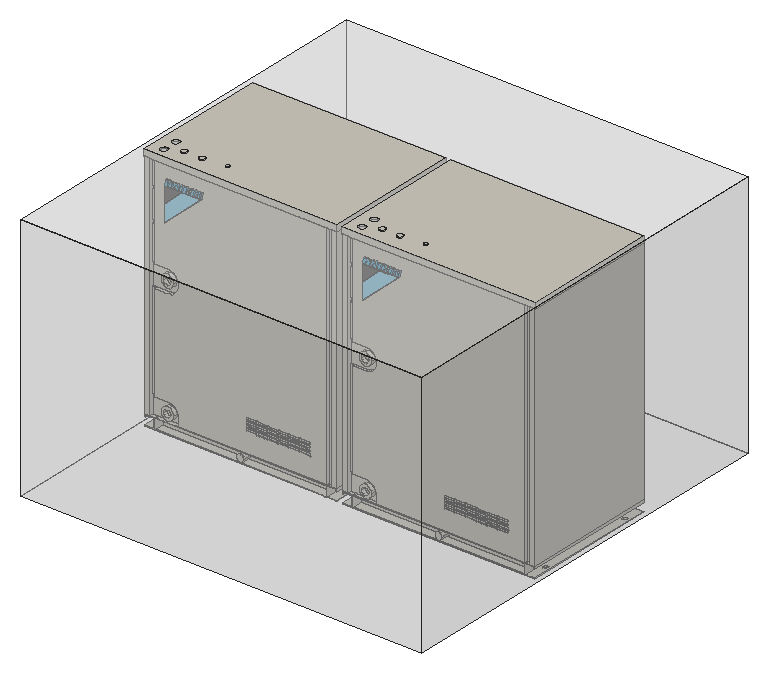
Revit family "outputfile", category 機械設備, Revit 2024
Family settings
  丸型コネクタ寸法 = 半径を使用
  種別 = なし
  パーツ タイプ = 標準
  OmniClass 番号 = 23.75.10.24.21.27.27
  OmniClass タイトル = Split System Air Conditioning Units
  作業面ベース = いいえ
  常に垂直 = はい
  ロード時にボイドで切り取り = いいえ
  注釈の向きを維持 = いいえ
  共有 = いいえ
  部屋計算ポイント = いいえ
Parameters (values of type "RWEYQ24TY14")
  製造元 = "Daikin"
  書き出し IFC クラス(タイプ) = "IfcUnitaryEquipmentType"
  定義済み IFC タイプ(タイプ) = "AIRCONDITIONINGUNIT"
  モデル = "RWEYQ24TY14"
  w_unit2 = 780.0 mm
  w_unit1 = 780.0 mm
  switch_unit2_6-8 [instance] = if(Reverse_ModuleSequence, if(default_unit1 = 1, 1 = 1, 1 = 0), if(default_unit2 = 1, 1 = 1, 1 = 0))  # no
  switch_unit2_12 [instance] = if(Reverse_ModuleSequence, if(default_unit1 = 3, 1 = 1, 1 = 0), if(default_unit2 = 3, 1 = 1, 1 = 0))  # yes
  switch_unit2_10 [instance] = if(Reverse_ModuleSequence, if(default_unit1 = 2, 1 = 1, 1 = 0), if(default_unit2 = 2, 1 = 1, 1 = 0))  # no
  switch_unit1_6-8 [instance] = if(Reverse_ModuleSequence, if(default_unit2 = 1, 1 = 1, 1 = 0), if(default_unit1 = 1, 1 = 1, 1 = 0))  # no
  switch_unit1_12 [instance] = if(Reverse_ModuleSequence, if(default_unit2 = 3, 1 = 1, 1 = 0), if(default_unit1 = 3, 1 = 1, 1 = 0))  # yes
  switch_unit1_10 [instance] = if(Reverse_ModuleSequence, if(default_unit2 = 2, 1 = 1, 1 = 0), if(default_unit1 = 2, 1 = 1, 1 = 0))  # no
  rangle_Drain [instance] = if(Rear Connection_Drain, 180.00°, 0.00°)  # 0.00°
  r_Water Outlet Pipe Connection_unit2 [instance] = Water Outlet Pipe Connection_Unit2 / 2  # 15.9 mm
  r_Water Outlet Pipe Connection_unit1 [instance] = Water Outlet Pipe Connection_Unit1 / 2  # 15.9 mm
  r_Water Inlet Pipe Connection_unit2 [instance] = Water Inlet Pipe Connection_Unit2 / 2  # 15.9 mm
  r_Water Inlet Pipe Connection_unit1 [instance] = Water Inlet Pipe Connection_Unit1 / 2  # 15.9 mm
  r_Liquid Pipe Size_unit2 [instance] = Liquid Pipe Size_Unit 2 / 2  # 6.35 mm
  r_HP/LP Gas Pipe Size_unit2 [instance] = [HP/LP Gas Pipe Size_Unit 2] / 2  # 11.1 mm
  r_HP/LP Gas Pipe Size_unit1 [instance] = [HP/LP Gas Pipe Size_Unit 1] / 2  # 11.1 mm
  r_Gas Pipe Size_unit2 [instance] = Gas Pipe Size_Unit 2 / 2  # 11.1 mm
  r_Drain Pipe Size = Drain Pipe Size / 2  # 6.35 mm
  lw_powersupply2 = 51.0 mm
  lw_liquidpipe2 = 274.0 mm
  lw_gaspipe2 [instance] = if(Heat Pump, 107.0 mm, 178.0 mm)  # 107.0 mm
  lw_Water Outlet2 = 95.0 mm
  lw_Water Outlet1 = 95.0 mm
  lw_Water Inlet2 = 95.0 mm
  lw_Water Inlet1 = 95.0 mm
  lw_HP/LP Gas Pipe2 [instance] = if(Heat Pump, 178.0 mm, 107.0 mm)  # 178.0 mm
  lw_HP/LP Gas Pipe1 [instance] = if(Heat Pump, 178.0 mm, 107.0 mm)  # 178.0 mm
  lw_Drain2 = 390.0 mm
  lw_Drain1 = 390.0 mm
  ld_HP/LP Gas Pipe = 69.0 mm
  h_mountinghole = [h_***] + 2.3 mm  # 2.3 mm
  r_Liquid Pipe Size_unit1 [instance] = Liquid Pipe Size_Unit 1 / 2  # 6.35 mm
  r_Gas Pipe Size_unit1 [instance] = Gas Pipe Size_Unit 1 / 2  # 11.1 mm
  distance_unit1-2 [instance] = 20.0 mm
  default_unit2 = 3
  default_unit1 = 3
  default_Water Outlet Pipe Connection_Unit 2 = 31.8 mm
  default_Water Outlet Pipe Connection_Unit 1 = 31.8 mm
  default_Water Inlet Pipe Connection_Unit 2 = 31.8 mm
  default_Water Inlet Pipe Connection_Unit 1 = 31.8 mm
  default_Model_Unit 2 = "RWEYQ12TY14"
  default_Model_Unit 1 = "RWEYQ12TY14"
  default_Liquid Pipe Size_Unit 2 = 12.7 mm
  default_Liquid Pipe Size_Unit 1 = 12.7 mm
  default_HP/LP Gas Pipe Size_Unit 2 [instance] = if(and(Heat Pump, [switch_unit2_6-8]), 19.1 mm, if(and(Heat Pump, switch_unit2_10), 22.2 mm, if(and(Heat Pump, switch_unit2_12), 22.2 mm, if(and(Heat Recovery, [switch_unit2_6-8]), 15.9 mm, if(and(Heat Recovery, switch_unit2_10), 19.1 mm, if(and(Heat Recovery, switch_unit2_12), 19.1 mm, 19.1 mm))))))  # 22.2 mm
  default_HP/LP Gas Pipe Size_Unit 1 [instance] = if(and(Heat Pump, [switch_unit1_6-8]), 19.1 mm, if(and(Heat Pump, switch_unit1_10), 22.2 mm, if(and(Heat Pump, switch_unit1_12), 22.2 mm, if(and(Heat Recovery, [switch_unit1_6-8]), 15.9 mm, if(and(Heat Recovery, switch_unit1_10), 19.1 mm, if(and(Heat Recovery, switch_unit1_12), 19.1 mm, 19.1 mm))))))  # 22.2 mm
  default_Gas Pipe Size_Unit 2 = 22.2 mm
  default_Gas Pipe Size_Unit 1 = 22.2 mm
  Water Outlet Pipe Connection_Unit2 [instance] = if(Reverse_ModuleSequence, default_Water Inlet Pipe Connection_Unit 1, default_Water Inlet Pipe Connection_Unit 2)  # 31.8 mm
  Water Outlet Pipe Connection_Unit1 [instance] = if(Reverse_ModuleSequence, default_Water Outlet Pipe Connection_Unit 2, default_Water Outlet Pipe Connection_Unit 1)  # 31.8 mm
  Water Inlet Pipe Connection_Unit2 [instance] = if(Reverse_ModuleSequence, default_Water Outlet Pipe Connection_Unit 1, default_Water Outlet Pipe Connection_Unit 2)  # 31.8 mm
  Water Inlet Pipe Connection_Unit1 [instance] = if(Reverse_ModuleSequence, default_Water Inlet Pipe Connection_Unit 2, default_Water Inlet Pipe Connection_Unit 1)  # 31.8 mm
  Voltage_comment_50Hz = "380-415"
  Voltage_50Hz = 400 V
  Top Connection_powersupply2 [instance] = not(Top Connection_powersupply1)  # no
  Sound Power Level (dB) = 75
  Reverse_ModuleSequence [instance] = no
  Rear Connection_Drain [instance] = not(Front Connection_Drain)  # no
  Power Input (Heating) = 15.700 kW
  Phase_50Hz = 3
  Nominal Heating Capacity = 75.000 kW
  Model_Unit 2 [instance] = if(Reverse_ModuleSequence, default_Model_Unit 1, default_Model_Unit 2)  # "RWEYQ12TY14"
  Model_Unit 1 [instance] = if(Reverse_ModuleSequence, default_Model_Unit 2, default_Model_Unit 1)  # "RWEYQ12TY14"
  Minimum Circuit Amps_50Hz = 27.3 A
  Maximum Fuse Amps_50Hz = 35.0 A
  Material_Heat Exchanger = DAIKIN_Blue_HE_outdoorunit
  Material_Casing = DAIKIN_IvoryWhite_Casing_outdoorunit
  lw_powersupply1 = 51.0 mm
  lw_liquidpipe1 = 274.0 mm
  lw_gaspipe1 [instance] = if(Heat Pump, 107.0 mm, 178.0 mm)  # 107.0 mm
  lh_powersupply = 940.0 mm
  ld_powersupply [instance] = if(Top Connection_powersupply1, 38.0 mm, 98.0 mm)  # 38.0 mm
  ld_liquidpipe = 79.0 mm
  ld_gaspipe = 69.0 mm
  h_*** = 0.0 mm
  Width [instance] = [distance_unit1-2] + w_unit1 + w_unit2  # 1580.0 mm
  Version = "ver.1.0"
  Unit Type = ""
  Unit Mass Weight = 294.00 kg
  Unit Designation [instance] = ""
  Uniclass2015Version = "Products v1.30"
  Uniclass2015Title = "Variable refrigerant flow units"
  Uniclass2015Code = "Pr_70_65_03_94"
  Total Cooling Capacity [instance] = 0.000 kW
  Sound Pressure Level (dBA) = 56
  Series = "VRV Heat Recovery"
  Refrigerant_Base Charge = 8.400 kg
  Refrigerant_Additional Charge [instance] = 0.000 kg
  Refrigerant Type = "R410A"
  Power Input (Cooling) = 14.700 kW
  Option Accessory 3 [instance] = ""
  Option Accessory 2 [instance] = ""
  Option Accessory 1 [instance] = ""
  Nominal Cooling Capacity = 67.000 kW
  Load Classification = HVAC
  Liquid Pipe Size_Unit 2 [instance] = if(Reverse_ModuleSequence, default_Liquid Pipe Size_Unit 1, default_Liquid Pipe Size_Unit 2)  # 12.7 mm
  Liquid Pipe Size_Unit 1 [instance] = if(Reverse_ModuleSequence, default_Liquid Pipe Size_Unit 2, default_Liquid Pipe Size_Unit 1)  # 12.7 mm
  Link_Nested Family [instance] = ""
  IfcVersion = ""
  IfcExportType = "AIRCONDITIONINGUNIT"
  IfcExportAs = "IfcUnitaryEquipmentType"
  Height = 1000.0 mm
  Heat Recovery [instance] = not(Heat Pump)  # no
  Heat Pump [instance] = yes
  Heat Exchanger Type = "Stainless Steel Plate"
  HP/LP Gas Pipe Size_Unit 2 [instance] = [default_HP/LP Gas Pipe Size_Unit 2]  # 22.2 mm
  HP/LP Gas Pipe Size_Unit 1 [instance] = [default_HP/LP Gas Pipe Size_Unit 1]  # 22.2 mm
  Gas Pipe Size_Unit 2 [instance] = if(Reverse_ModuleSequence, default_Gas Pipe Size_Unit 1, default_Gas Pipe Size_Unit 2)  # 22.2 mm
  Gas Pipe Size_Unit 1 [instance] = if(Reverse_ModuleSequence, default_Gas Pipe Size_Unit 2, default_Gas Pipe Size_Unit 1)  # 22.2 mm
  Top Connection_powersupply1 [instance] = yes
  Front Connection_Drain [instance] = yes
  Frequency_50Hz = 50 Hz
  Drain Pipe Size = 12.7 mm
  Depth = 550.0 mm
  既定の高さ = 0.0 mm
  Cooling Ambient Wet Bulb Temperature [instance] = 0.00 °C
  Cooling Ambient Dry Bulb Temperature [instance] = 0.00 °C
  Compressor Type = "Hermetically Sealed Scroll Type"
  Clearance visibility [instance] = yes
  Clearance Top = 0.0 mm
  Clearance Right = 20.0 mm
  Clearance Rear = 500.0 mm
  Clearance Left = 20.0 mm
  Clearance Front = 600.0 mm
  Clearance Bottom = 0.0 mm
  CU Tag No. [instance] = ""
Reference planes
  plane 1 "Center (Front/Back)": y = 0
  plane 2 "h_***": z = 0
  plane 3 "Center (Left/Right)": x = 0
  plane 4 "Back": y = 275
  plane 5 "Front": y = -275
  plane 6 "Left": x = -390
  plane 7 "w_unit1": x = 390
  plane 8 "Top": z = 1000
  plane 9 "Clearance Rear": y = 775
  plane 10 "Clearance Front": y = -875
  plane 11 "Clearance Left": x = -410
  plane 12 "Clearance Right": x = 1210
  plane 13 "Clearance Top": z = 1000
  plane 14 "Clearance Bottom": z = 0
  plane 15 "Bottom": z = 0
  plane 16 "lw_powersupply1": x = -339
  plane 17 "ld_powersupply": y = -237
  plane 18 "lw_liquidpipe1": x = -116
  plane 19 "Rear Connection_refrigetant": y = -196
  plane 20 "lw_gaspipe1": x = -283
  plane 21 "ld_gaspipe": y = -206
  plane 22 "lh_logo": z = 900
  plane 23 "lw_logo": x = 100
  plane 24 "lh_powersupply": z = 940
  plane 25 "lw_HP/LP Gas Pipe1": x = -212
  plane 26 "ld_HP/LP Gas Pipe": y = -206
  plane 27 "l_unit2": x = 410
  plane 28 "Right": x = 1190
  plane 29 "lw_powersupply2": x = 461
  plane 30 "lw_liquidpipe2": x = 684
  plane 31 "lw_gaspipe2": x = 517
  plane 32 "lw_HP/LP Gas Pipe2": x = 588
  plane 33 "lw_Water Inlet1": x = -295
  plane 34 "lw_Water Inlet2": x = 505
  plane 35 "lw_Water Outlet1": x = -295
  plane 36 "lw_Water Outlet2": x = 505
  plane 37 "lw_Drain1": x = 0
  plane 38 "lw_Drain2": x = 800
Dimensions and locks
  equal spacing: plane 4 "Back", plane 1 "Center (Front/Back)", plane 5 "Front"
  "Depth": plane 4 "Back" to plane 5 "Front"
  equal spacing: plane 6 "Left", plane 3 "Center (Left/Right)", plane 7 "w_unit1"
  "w_unit1": plane 6 "Left" to plane 7 "w_unit1"
  "Clearance Rear": plane 9 "Clearance Rear" to plane 4 "Back"
  "Clearance Front": plane 10 "Clearance Front" to plane 5 "Front"
  "Clearance Left": plane 11 "Clearance Left" to plane 6 "Left"
  "Clearance Top": plane 13 "Clearance Top" to plane 8 "Top"
  "h_***": plane 15 "Bottom" to plane 2 "h_***"
  "Height": plane 8 "Top" to plane 15 "Bottom"
  "Clearance Bottom": plane 15 "Bottom" to plane 14 "Clearance Bottom"
  "ld_powersupply": plane 17 "ld_powersupply" to plane 5 "Front"
  "ld_liquidpipe": plane 19 "Rear Connection_refrigetant" to plane 5 "Front"
  "ld_gaspipe": plane 21 "ld_gaspipe" to plane 5 "Front"
  locked: plane 23 "lw_logo" to plane 7 "w_unit1" at 290
  locked: plane 22 "lh_logo" to plane 15 "Bottom" at 900
  "lw_gaspipe1": plane 6 "Left" to plane 20 "lw_gaspipe1"
  "lw_liquidpipe1": plane 6 "Left" to plane 18 "lw_liquidpipe1"
  "lw_powersupply1": plane 6 "Left" to plane 16 "lw_powersupply1"
  "lh_powersupply": plane 24 "lh_powersupply" to plane 15 "Bottom"
  "lw_HP/LP Gas Pipe1": plane 6 "Left" to plane 25 "lw_HP/LP Gas Pipe1"
  "ld_HP/LP Gas Pipe": plane 26 "ld_HP/LP Gas Pipe" to plane 5 "Front"
  "distance_unit1-2": plane 7 "w_unit1" to plane 27 "l_unit2"
  "Clearance Right": plane 28 "Right" to plane 12 "Clearance Right"
  "Width": plane 6 "Left" to plane 28 "Right"
  "lw_powersupply2": plane 27 "l_unit2" to plane 29 "lw_powersupply2"
  "lw_HP/LP Gas Pipe2": plane 27 "l_unit2" to plane 32 "lw_HP/LP Gas Pipe2"
  "lw_gaspipe2": plane 27 "l_unit2" to plane 31 "lw_gaspipe2"
  "lw_liquidpipe2": plane 27 "l_unit2" to plane 30 "lw_liquidpipe2"
  "lw_Water Inlet1": plane 6 "Left" to plane 33 "lw_Water Inlet1"
  "lw_Water Inlet2": plane 27 "l_unit2" to plane 34 "lw_Water Inlet2"
  "lw_Water Outlet1": plane 6 "Left" to plane 35 "lw_Water Outlet1"
  "lw_Water Outlet2": plane 27 "l_unit2" to plane 36 "lw_Water Outlet2"
  "lw_Drain1": plane 6 "Left" to plane 37 "lw_Drain1"
  "lw_Drain2": plane 27 "l_unit2" to plane 38 "lw_Drain2"
  aligned and locked: level to plane 2 "h_***"
  aligned and locked: plane 9 "Clearance Rear" to nested 2
  aligned and locked: nested 2 to plane 10 "Clearance Front"
  aligned and locked: plane 11 "Clearance Left" to nested 2
  aligned and locked: plane 12 "Clearance Right" to nested 2
  aligned and locked: plane 13 "Clearance Top" to nested 2
  aligned and locked: plane 14 "Clearance Bottom" to nested 2
  aligned and locked: plane 8 "Top" to nested 1
  aligned and locked: plane 22 "lh_logo" to nested 7
  aligned and locked: nested 8 to plane 16 "lw_powersupply1"
  aligned and locked: nested 9 to plane 20 "lw_gaspipe1"
  aligned and locked: nested 10 to plane 18 "lw_liquidpipe1"
  aligned and locked: nested 10 to plane 19 "Rear Connection_refrigetant"
  aligned and locked: nested 9 to plane 21 "ld_gaspipe"
  aligned and locked: nested 8 to plane 17 "ld_powersupply"
  aligned and locked: plane 5 "Front" to nested 7
  aligned and locked: plane 24 "lh_powersupply" to nested 8
  aligned and locked: plane 27 "l_unit2" to nested 11
  aligned and locked: nested 17 to plane 29 "lw_powersupply2"
  aligned and locked: nested 17 to plane 17 "ld_powersupply"
  aligned and locked: nested 18 to plane 31 "lw_gaspipe2"
  aligned and locked: nested 18 to plane 26 "ld_HP/LP Gas Pipe"
  aligned and locked: plane 1 "Center (Front/Back)" to nested 20
  aligned and locked: plane 33 "lw_Water Inlet1" to nested 20
  aligned and locked: plane 1 "Center (Front/Back)" to nested 21
  aligned and locked: plane 1 "Center (Front/Back)" to nested 22
  aligned and locked: plane 1 "Center (Front/Back)" to nested 23
  aligned and locked: plane 1 "Center (Front/Back)" to nested 24
  aligned and locked: plane 1 "Center (Front/Back)" to nested 25
  aligned and locked: plane 34 "lw_Water Inlet2" to nested 21
  aligned and locked: plane 35 "lw_Water Outlet1" to nested 22
  aligned and locked: plane 36 "lw_Water Outlet2" to nested 23
  aligned and locked: plane 37 "lw_Drain1" to nested 24
  aligned and locked: plane 38 "lw_Drain2" to nested 25
  aligned and locked: plane 25 "lw_HP/LP Gas Pipe1" to nested 26
  aligned and locked: plane 32 "lw_HP/LP Gas Pipe2" to nested 27
  aligned and locked: nested 26 to plane 26 "ld_HP/LP Gas Pipe"
  aligned and locked: nested 27 to plane 26 "ld_HP/LP Gas Pipe"
Nested families
  nested 1: "DAIKIN_outdoorunit_RWEYQ-TY14" at (-31, 0, 0), h_*** <- "h_***", Link_Nest <- "Link_Nested Family", h_mountinghole <- "h_mountinghole", Width <- "w_unit1", switch_unit1_6-8 <- "switch_unit1_6-8", switch_unit1_10 <- "switch_unit1_10", switch_unit1_12 <- "switch_unit1_12", type "RWEYQ-TY14"
    with switch_unit1_6-8 no, switch_unit1_12 yes, switch_unit1_10 no, show_fixedhole yes, h_mountinghole 2.3 mm, h_antenna_mountinghole 998.7 mm, h_*** 0.0 mm, array_bolt 5, Width 780.0 mm, Liquid Pipe Size_Unit 1 12.7 mm, Link_Nest "", HP/LP Pipe Size_Unit 1 22.2 mm, Gas Pipe Size_Unit 1_L 107.0 mm, Gas Pipe Size_Unit 1 22.2 mm
  nested 2: "daikin_clearancespace" at (400, -50, 500.119), visible <- "Clearance visibility", show <- "Clearance visibility", Link_Nested Family <- "Link_Nested Family", type "daikin_clearancespace"
    with width 1620.0 mm, show yes, height 1000.0 mm, depth 1650.0 mm, Link_Nested Family ""
  nested 3: "daikin_mountinghole" at (-372, 200, 0), type "daikin_mountinghole"
    with show yes, l_antenna 998.7 mm, h_mountinghole 2.3 mm, Link_Nested Family ""
  nested 4: "daikin_mountinghole" at (372, 200, 0), type "daikin_mountinghole"
    with show yes, l_antenna 998.7 mm, h_mountinghole 2.3 mm, Link_Nested Family ""
  nested 5: "daikin_mountinghole" at (-372, -200, 0), type "daikin_mountinghole"
    with show yes, l_antenna 998.7 mm, h_mountinghole 2.3 mm, Link_Nested Family ""
  nested 6: "daikin_mountinghole" at (372, -200, 0), type "daikin_mountinghole"
    with show yes, l_antenna 998.7 mm, h_mountinghole 2.3 mm, Link_Nested Family ""
  nested 7: "daikin_logo_elevation_w150" at (-212.5, -275, 744.568), type "daikin_logo_elevation_w150"
    with show_logo yes
  nested 8: "daikin_connector_rotate3" at (-339, -237, 940) x (-1, 0, 0) z (0, 0, -1), type "daikin_connector_rotate3"
    with show no, radius 10.0 mm, length 60.0 mm, angle_vertical 0.00°, angle_horizontal 0.00°
  nested 9: "daikin_connector_rotate3" at (-283, -206, 940) x (-1, 0, 0) z (0, 0, -1), radius <- "r_Gas Pipe Size_unit1", type "daikin_connector_rotate3"
    with show no, radius 11.1 mm, length 60.0 mm, angle_vertical 0.00°, angle_horizontal 0.00°
  nested 10: "daikin_connector_rotate3" at (-116, -196, 940) x (-1, 0, 0) z (0, 0, -1), radius <- "r_Liquid Pipe Size_unit1", type "daikin_connector_rotate3"
    with show no, radius 6.35 mm, length 60.0 mm, angle_vertical 0.00°, angle_horizontal 0.00°
  nested 11: "DAIKIN_outdoorunit_RWEYQ-TY14" at (769, 0, 0), Width <- "w_unit2", switch_unit1_6-8 <- "switch_unit2_6-8", switch_unit1_10 <- "switch_unit2_10", switch_unit1_12 <- "switch_unit2_12", type "RWEYQ-TY14"
    with switch_unit1_6-8 no, switch_unit1_12 yes, switch_unit1_10 no, show_fixedhole yes, h_mountinghole 2.3 mm, h_antenna_mountinghole 998.7 mm, h_*** 0.0 mm, array_bolt 5, Width 780.0 mm, Liquid Pipe Size_Unit 1 12.7 mm, Link_Nest "", HP/LP Pipe Size_Unit 1 22.2 mm, Gas Pipe Size_Unit 1_L 107.0 mm, Gas Pipe Size_Unit 1 22.2 mm
  nested 12: "daikin_mountinghole" at (428, 200, 0), type "daikin_mountinghole"
    with show yes, l_antenna 998.7 mm, h_mountinghole 2.3 mm, Link_Nested Family ""
  nested 13: "daikin_mountinghole" at (1172, 200, 0), type "daikin_mountinghole"
    with show yes, l_antenna 998.7 mm, h_mountinghole 2.3 mm, Link_Nested Family ""
  nested 14: "daikin_mountinghole" at (428, -200, 0), type "daikin_mountinghole"
    with show yes, l_antenna 998.7 mm, h_mountinghole 2.3 mm, Link_Nested Family ""
  nested 15: "daikin_mountinghole" at (1172, -200, 0), type "daikin_mountinghole"
    with show yes, l_antenna 998.7 mm, h_mountinghole 2.3 mm, Link_Nested Family ""
  nested 16: "daikin_connector_rotate3" at (684, -196, 940) x (-1, 0, 0) z (0, 0, -1), radius <- "r_Liquid Pipe Size_unit2", type "daikin_connector_rotate3"
    with show no, radius 6.35 mm, length 60.0 mm, angle_vertical 0.00°, angle_horizontal 0.00°
  nested 17: "daikin_connector_rotate3" at (461, -237, 940) x (-1, 0, 0) z (0, 0, -1), type "daikin_connector_rotate3"
    with show no, radius 10.0 mm, length 60.0 mm, angle_vertical 0.00°, angle_horizontal 0.00°
  nested 18: "daikin_connector_rotate3" at (517, -206, 940) x (-1, 0, 0) z (0, 0, -1), radius <- "r_Gas Pipe Size_unit2", type "daikin_connector_rotate3"
    with show no, radius 11.1 mm, length 60.0 mm, angle_vertical 0.00°, angle_horizontal 0.00°
  nested 19: "daikin_logo_elevation_w150" at (587.5, -275, 744.568), type "daikin_logo_elevation_w150"
    with show_logo yes
  nested 20: "daikin_connector_rotate3" at (-295, 0, 76), radius <- "r_Water Inlet Pipe Connection_unit1", type "daikin_connector_rotate3"
    with show no, radius 15.9 mm, length 275.0 mm, angle_vertical 90.00°, angle_horizontal 0.00°
  nested 21: "daikin_connector_rotate3" at (505, 0, 76), radius <- "r_Water Inlet Pipe Connection_unit2", type "daikin_connector_rotate3"
    with show no, radius 15.9 mm, length 275.0 mm, angle_vertical 90.00°, angle_horizontal 0.00°
  nested 22: "daikin_connector_rotate3" at (-295, 0, 556), radius <- "r_Water Outlet Pipe Connection_unit1", type "daikin_connector_rotate3"
    with show no, radius 15.9 mm, length 275.0 mm, angle_vertical 90.00°, angle_horizontal 0.00°
  nested 23: "daikin_connector_rotate3" at (505, 0, 556), radius <- "r_Water Outlet Pipe Connection_unit2", type "daikin_connector_rotate3"
    with show no, radius 15.9 mm, length 275.0 mm, angle_vertical 90.00°, angle_horizontal 0.00°
  nested 24: "daikin_connector_rotate3" at (0, 0, 19), angle_horizontal <- "rangle_Drain", radius <- "r_Drain Pipe Size", type "daikin_connector_rotate3"
    with show no, radius 6.35 mm, length 275.0 mm, angle_vertical 90.00°, angle_horizontal 0.00°
  nested 25: "daikin_connector_rotate3" at (800, 0, 19), angle_horizontal <- "rangle_Drain", radius <- "r_Drain Pipe Size", type "daikin_connector_rotate3"
    with show no, radius 6.35 mm, length 275.0 mm, angle_vertical 90.00°, angle_horizontal 0.00°
  nested 26: "daikin_connector_rotate3" at (-212, -206, 940) x (1, 0, 0) z (0, 0, -1), radius <- "r_HP/LP Gas Pipe Size_unit1", type "daikin_connector_rotate3"
    with show no, radius 11.1 mm, length 60.0 mm, angle_vertical 0.00°, angle_horizontal 0.00°
  nested 27: "daikin_connector_rotate3" at (588, -206, 940) x (1, 0, 0) z (0, 0, -1), radius <- "r_HP/LP Gas Pipe Size_unit2", type "daikin_connector_rotate3"
    with show no, radius 11.1 mm, length 60.0 mm, angle_vertical 0.00°, angle_horizontal 0.00°
Connectors
  piping at (-116, -196, 1000), diameter 12.7, driven by "r_Liquid Pipe Size_unit1"
    settings: on nested 10, index 12, connector inside diameter 609.6 mm, connector length 0.0 mm, flow factor 0, pipe flow 0.00 m³/h, pressure drop 0.0 Pa, fitting loss kfactor 0, connector angle 0.00°, fixture units 0, engagement length 0.0 mm, angle of deflection 0.00°, flow configuration 0, flow direction 2, fitting loss method 0, system type 29, joint type 0, gender type 0, connector reference index -1, connector utility 0, adjustable connector no, is connector primary no, connector description "Refrigerant Liquid Piping1"
  electrical at (-339, -237, 1000), driven by "Load Classification"
    settings: on nested 8, index 13, voltage 0 V, apparent load 0 VA, apparent load phase1 0 VA, apparent load phase2 0 VA, apparent load phase3 0 VA, power factor 1, load classification "HVAC", number of poles 1, system type 30, power factor state 1, is connector primary yes, connector utility no, sub classification motor no, connector description "Power Supply1"
  piping at (684, -196, 1000), diameter 12.7, driven by "r_Liquid Pipe Size_unit2"
    settings: on nested 16, index 15, connector inside diameter 609.6 mm, connector length 0.0 mm, flow factor 0, pipe flow 0.00 m³/h, pressure drop 0.0 Pa, fitting loss kfactor 0, connector angle 0.00°, fixture units 0, engagement length 0.0 mm, angle of deflection 0.00°, flow configuration 0, flow direction 2, fitting loss method 0, system type 29, joint type 0, gender type 0, connector reference index -1, connector utility 0, adjustable connector no, is connector primary no, connector description "Refrigerant Liquid Piping2"
  electrical at (461, -237, 1000), driven by "Load Classification"
    settings: on nested 17, index 17, voltage 0 V, apparent load 0 VA, apparent load phase1 0 VA, apparent load phase2 0 VA, apparent load phase3 0 VA, power factor 1, load classification "HVAC", number of poles 1, system type 30, power factor state 1, is connector primary no, connector utility no, sub classification motor no, connector description "Power Supply2"
  piping at (-295, -275, 556), diameter 31.8, driven by "r_Water Outlet Pipe Connection_unit1"
    settings: on nested 22, index 19, connector inside diameter 609.6 mm, connector length 0.0 mm, flow factor 0, pipe flow 0.00 m³/h, pressure drop 0.0 Pa, fitting loss kfactor 0, connector angle 0.00°, fixture units 0, engagement length 0.0 mm, angle of deflection 0.00°, flow configuration 1, flow direction 2, fitting loss method 0, system type 8, joint type 0, gender type 0, connector reference index -1, connector utility 0, adjustable connector no, is connector primary no, connector description "Cooling Water Outlet Piping 1"
  piping at (-295, -275, 76), diameter 31.8, driven by "r_Water Inlet Pipe Connection_unit1"
    settings: on nested 20, index 20, connector inside diameter 609.6 mm, connector length 0.0 mm, flow factor 0, pipe flow 0.00 m³/h, pressure drop 0.0 Pa, fitting loss kfactor 0, connector angle 0.00°, fixture units 0, engagement length 0.0 mm, angle of deflection 0.00°, flow configuration 1, flow direction 1, fitting loss method 0, system type 7, joint type 0, gender type 0, connector reference index -1, connector utility 0, adjustable connector no, is connector primary no, connector description "Cooling Water Inlet  Piping 1"
  piping at (505, -275, 556), diameter 31.8, driven by "r_Water Outlet Pipe Connection_unit2"
    settings: on nested 23, index 21, connector inside diameter 609.6 mm, connector length 0.0 mm, flow factor 0, pipe flow 0.00 m³/h, pressure drop 0.0 Pa, fitting loss kfactor 0, connector angle 0.00°, fixture units 0, engagement length 0.0 mm, angle of deflection 0.00°, flow configuration 1, flow direction 2, fitting loss method 0, system type 8, joint type 0, gender type 0, connector reference index -1, connector utility 0, adjustable connector no, is connector primary no, connector description "Cooling Water Outlet Piping 2"
  piping at (505, -275, 76), diameter 31.8, driven by "r_Water Inlet Pipe Connection_unit2"
    settings: on nested 21, index 22, connector inside diameter 609.6 mm, connector length 0.0 mm, flow factor 0, pipe flow 0.00 m³/h, pressure drop 0.0 Pa, fitting loss kfactor 0, connector angle 0.00°, fixture units 0, engagement length 0.0 mm, angle of deflection 0.00°, flow configuration 1, flow direction 1, fitting loss method 0, system type 7, joint type 0, gender type 0, connector reference index -1, connector utility 0, adjustable connector no, is connector primary no, connector description "Cooling Water Inlet  Piping 2"
  piping at (0, -275, 19), diameter 12.7, driven by "r_Drain Pipe Size"
    settings: on nested 24, index 23, connector inside diameter 609.6 mm, connector length 0.0 mm, flow factor 0, pipe flow 0.00 m³/h, pressure drop 0.0 Pa, fitting loss kfactor 0, connector angle 0.00°, fixture units 0, engagement length 0.0 mm, angle of deflection 0.00°, flow configuration 1, flow direction 2, fitting loss method 4, system type 16, joint type 0, gender type 0, connector reference index -1, connector utility 0, adjustable connector no, is connector primary no, connector description "Condensate Drain Piping 1"
  piping at (800, -275, 19), diameter 12.7, driven by "r_Drain Pipe Size"
    settings: on nested 25, index 24, connector inside diameter 609.6 mm, connector length 0.0 mm, flow factor 0, pipe flow 0.00 m³/h, pressure drop 0.0 Pa, fitting loss kfactor 0, connector angle 0.00°, fixture units 0, engagement length 0.0 mm, angle of deflection 0.00°, flow configuration 1, flow direction 2, fitting loss method 4, system type 16, joint type 0, gender type 0, connector reference index -1, connector utility 0, adjustable connector no, is connector primary no, connector description "Condensate Drain Piping 2"
  piping at (-212, -206, 1000), diameter 22.2, driven by "r_HP/LP Gas Pipe Size_unit1"
    settings: on nested 26, index 27, connector inside diameter 609.6 mm, connector length 0.0 mm, flow factor 0, pipe flow 0.00 m³/h, pressure drop 0.0 Pa, fitting loss kfactor 0, connector angle 0.00°, fixture units 0, engagement length 0.0 mm, angle of deflection 0.00°, flow configuration 0, flow direction 0, fitting loss method 0, system type 29, joint type 0, gender type 0, connector reference index -1, connector utility 0, adjustable connector no, is connector primary no, connector description "Refrigerant HP/LP Gas Piping1"
  piping at (588, -206, 1000), diameter 22.2, driven by "r_HP/LP Gas Pipe Size_unit2"
    settings: on nested 27, index 28, connector inside diameter 609.6 mm, connector length 0.0 mm, flow factor 0, pipe flow 0.00 m³/h, pressure drop 0.0 Pa, fitting loss kfactor 0, connector angle 0.00°, fixture units 0, engagement length 0.0 mm, angle of deflection 0.00°, flow configuration 0, flow direction 0, fitting loss method 0, system type 29, joint type 0, gender type 0, connector reference index -1, connector utility 0, adjustable connector no, is connector primary no, connector description "Refrigerant HP/LP Gas Piping2"
  piping at (-283, -206, 1000), diameter 22.2, driven by "r_Gas Pipe Size_unit1"
    settings: on nested 9, index 29, connector inside diameter 609.6 mm, connector length 0.0 mm, flow factor 0, pipe flow 0.00 m³/h, pressure drop 0.0 Pa, fitting loss kfactor 0, connector angle 0.00°, fixture units 0, engagement length 0.0 mm, angle of deflection 0.00°, flow configuration 0, flow direction 1, fitting loss method 0, system type 29, joint type 0, gender type 0, connector reference index -1, connector utility 0, adjustable connector no, is connector primary yes, connector description "Refrigerant Gas Piping1"
  piping at (517, -206, 1000), diameter 22.2, driven by "r_Gas Pipe Size_unit2"
    settings: on nested 18, index 30, connector inside diameter 609.6 mm, connector length 0.0 mm, flow factor 0, pipe flow 0.00 m³/h, pressure drop 0.0 Pa, fitting loss kfactor 0, connector angle 0.00°, fixture units 0, engagement length 0.0 mm, angle of deflection 0.00°, flow configuration 0, flow direction 1, fitting loss method 0, system type 29, joint type 0, gender type 0, connector reference index -1, connector utility 0, adjustable connector no, is connector primary no, connector description "Refrigerant Gas Piping2"
Definition of nested family "DAIKIN_outdoorunit_RWEYQ-TY14"
  Parameters (values of type "RWEYQ-TY14")
    w_wiremesh_right = 668.0 mm  # constant formula
    w_wiremesh_left = 590.0 mm  # constant formula
    w_wiremesh_front = 248.0 mm  # constant formula
    switch_unit1_6-8 [instance] = no
    switch_unit1_12 [instance] = yes
    switch_unit1_10 [instance] = no
    show_fixedhole [instance] = yes
    material_heatexchanger = none
    material_casing = none
    ld_hole1_bottom = 154.0 mm  # constant formula
    h_wiremesh = 900.0 mm  # constant formula
    h_mountinghole [instance] = 2.3 mm
    h_antenna_mountinghole [instance] = Height + 1.0 mm - 2.3 mm  # 998.7 mm
    h_*** [instance] = 0.0 mm
    array_bolt [instance] = 5
    Width [instance] = 780.0 mm
    Liquid Pipe Size_Unit 1 [instance] = if([switch_unit1_6-8], 9.5 mm, if(switch_unit1_10, 9.5 mm, if(switch_unit1_12, 12.7 mm, 9.5 mm)))  # 12.7 mm
    Link_Nest [instance] = ""
    Height = 1000.0 mm
    Heat Recovery = not(Heat Pump)  # no
    Heat Pump = yes
    HP/LP Pipe Size_Unit 1_L = if(Heat Pump, 178.0 mm, 107.0 mm)  # 178.0 mm
    HP/LP Pipe Size_Unit 1 [instance] = if(Heat Recovery, if([switch_unit1_6-8], 15.9 mm, if(switch_unit1_10, 19.1 mm, if(switch_unit1_12, 19.1 mm, 15.9 mm))), if([switch_unit1_6-8], 19.1 mm, if(switch_unit1_10, 22.2 mm, if(switch_unit1_12, 22.2 mm, 19.1 mm))))  # 22.2 mm
    Gas Pipe Size_Unit 1_L [instance] = if(Heat Pump, 107.0 mm, 178.0 mm)  # 107.0 mm
    Gas Pipe Size_Unit 1_H = 60.0 mm  # constant formula
    Gas Pipe Size_Unit 1 [instance] = if([switch_unit1_6-8], 19.1 mm, if(switch_unit1_10, 22.2 mm, if(switch_unit1_12, 22.2 mm, 19.1 mm)))  # 22.2 mm
    Depth = 550.0 mm
    Default Elevation = 0.0 mm
  Reference planes
    plane 1 "Center (Front/Back)": y = 0
    plane 2 "reference_level": z = 0
    plane 3 "Center (Left/Right)": x = 31
    plane 4 "Bottom": z = 0
    plane 5: x = 421
    plane 6: x = -359
    plane 7 "Back": y = 275
    plane 8 "Front": y = -275
    plane 9: z = 1000
    plane 10: z = 976
    plane 11: y = -255
    plane 12: y = 255
    plane 13: x = -337
    plane 14: x = 399
    plane 15: x = -341
    plane 16: z = 45
    plane 17: x = 403
    plane 18: y = 200
    plane 19: y = -200
    plane 20: z = 1060
    plane 21: z = 19
    plane 22: z = 1000
    plane 23: z = 940
  Forms (mm)
    Extrusion 1, solid, material <- "material_heatexchanger"
      sketch origin (0, 0, 0) x (1, 0, 0) y (0, 1, 0)
        loop
          line (-337, 255) -> (-337, -255) -> (399, -255) -> (399, 255) -> (-337, 255)
      from 54 to 976
    Extrusion 2, void
      sketch origin (0, 350, 0) x (1, 0, 0) y (0, 1, 0)
        loop
          circle (-341, -150) r 8.5
        loop
          circle (403, -150) r 8.5
        loop
          circle (403, -550) r 8.5
        loop
          circle (-341, -550) r 8.5
      from 0 to 29.064
    Extrusion 3, solid, material <- "material_casing"
      sketch origin (620, -305, 0) x (-1, 0, 0) y (0, 0, 1)
        loop
          line (204.3, 35.061) -> (204.3, 42.7) -> (239.7, 42.7) -> (239.7, 2.3) -> (201, 2.3) -> (201, 0) -> (242, 0) -> (242, 45) -> (201, 45) -> (201, 35.061) -> (204.3, 35.061)
        loop
          line (973.7, 35.061) -> (977, 35.061) -> (977, 45) -> (936, 45) -> (936, 0) -> (977, 0) -> (977, 2.3) -> (938.3, 2.3) -> (938.3, 42.7) -> (973.7, 42.7) -> (973.7, 35.061)
      from 30 to 580
    Extrusion 4, solid, material <- "material_casing"
      sketch origin (31, 0, 0) x (0, 1, 0) y (0, 0, 1)
        loop
          line (-275, 45) -> (-275, 42.7) -> (-236.3, 42.7) -> (-236.3, 2.3) -> (-275, 2.3) -> (-275, 0) -> (-234, 0) -> (-234, 45) -> (-275, 45)
        loop
          line (275, 45) -> (234, 45) -> (234, 0) -> (275, 0) -> (275, 2.3) -> (236.3, 2.3) -> (236.3, 42.7) -> (275, 42.7) -> (275, 45)
      from -347 to 347
    Extrusion 5, solid, material <- "material_casing"
      sketch origin (0, 0, 0) x (1, 0, 0) y (0, 1, 0)
        loop
          circle (-85, -196) r 6.35
        loop
          circle (-181, -206) r 11.1
      from 940 to 1000
    Extrusion 6, solid, material <- "material_casing"
      sketch origin (-663.497, -190, 1200) x (-1, 0, 0) y (0, 0, 1)
        loop
          circle (-694.497, -1181) r 14
      from -85 to -46.3
    Extrusion 7, solid, material <- "material_casing"
      sketch origin (-663.497, 321.3, 1200) x (-1, 0, 0) y (0, 0, 1)
        loop
          circle (-694.497, -1181) r 14
      from -85 to -46.3
    Extrusion 8, solid, material <- "material_casing"
      sketch origin (0, -500, 0) x (1, 0, 0) y (0, 1, 0)
        loop
          circle (-252, 294) r 11.1
      from 940 to 1000
  Cuts and joins
    Extrusion 2 cuts Extrusion 3
  Dimensions and locks
    equal spacing: plane 6, plane 3 "Center (Left/Right)", plane 5
    "Width": plane 6 to plane 5
    locked: plane 9 to plane 10 at 24
    "Depth": plane 8 "Front" to plane 7 "Back"
    equal spacing: plane 7 "Back", plane 1 "Center (Front/Back)", plane 8 "Front"
    locked: plane 12 to plane 7 "Back" at 20
    locked: plane 11 to plane 8 "Front" at 20
    locked: plane 6 to plane 13 at 22
    locked: plane 14 to plane 5 at 22
    locked: plane 6 to plane 15 at 18
    "h_***": plane 4 "Bottom" to plane 2 "reference_level"
    locked: plane 16 to plane 4 "Bottom" at 45
    "Height": plane 9 to plane 4 "Bottom"
    locked: plane 5 to Extrusion 3 sketch curve at 2  (x2)
    locked: Extrusion 3 sketch curve to Extrusion 3 sketch curve at 41  (x2)
    locked: Extrusion 3 sketch curve to Extrusion 3 sketch curve at 3.3  (x2)
    locked: Extrusion 3 sketch curve to plane 6 at 2  (x2)
    locked: plane 8 "Front" to Extrusion 4 sketch curve at 41
    locked: Extrusion 4 sketch curve to plane 7 "Back" at 41
    locked: plane 17 to plane 5 at 18
    plane 19 to plane 8 "Front" = 75.0 mm
    locked: plane 18 to plane 7 "Back" at 75
    locked: Extrusion 5 sketch curve to plane 8 "Front" at 79
    locked: plane 6 to Extrusion 5 sketch curve at 274
    "HP/LP Pipe Size_Unit 1_L": plane 6 to Extrusion 5 sketch curve
    locked: Extrusion 5 sketch curve to plane 8 "Front" at 69
    locked: plane 20 to plane 9 at 60
    locked: plane 21 to plane 4 "Bottom" at 19
    "Gas Pipe Size_Unit 1_L": plane 6 to Extrusion 8 sketch curve
    locked: Extrusion 8 sketch curve to plane 8 "Front" at 69
    "Gas Pipe Size_Unit 1_H": plane 20 to plane 22
    locked: plane 22 to plane 23 at 60
    "HP/LP Pipe Size_Unit 1": diameter of Extrusion 5 sketch curve
    "Liquid Pipe Size_Unit 1": diameter of Extrusion 5 sketch curve
    "Gas Pipe Size_Unit 1": diameter of Extrusion 8 sketch curve
    aligned and locked: level to plane 2 "reference_level"
    aligned and locked: plane 12 to Extrusion 1 sketch curve
    aligned and locked: plane 11 to Extrusion 1 sketch curve
    aligned and locked: plane 13 to Extrusion 1 sketch curve
    aligned and locked: plane 14 to Extrusion 1 sketch curve
    aligned and locked: plane 10 to Extrusion 1
    aligned and locked: plane 11 to nested 1
    aligned and locked: plane 10 to nested 4
    aligned and locked: nested 5 to plane 9
    aligned and locked: plane 10 to nested 3
    aligned and locked: plane 10 to nested 2
    aligned and locked: plane 13 to nested 4
    aligned and locked: plane 14 to nested 2
    aligned and locked: plane 12 to nested 3
    aligned and locked: plane 15 to nested 7
    aligned and locked: plane 15 to nested 9
    aligned and locked: plane 8 "Front" to nested 5
    aligned and locked: plane 6 to nested 5
    aligned and locked: plane 10 to nested 1
    aligned and locked: plane 13 to nested 1
    aligned and locked: nested 2 to plane 1 "Center (Front/Back)"
    aligned and locked: nested 3 to plane 3 "Center (Left/Right)"
    aligned and locked: plane 1 "Center (Front/Back)" to nested 4
    aligned and locked: nested 6 to plane 3 "Center (Left/Right)"
    aligned and locked: plane 1 "Center (Front/Back)" to nested 6
    aligned and locked: plane 16 to Extrusion 3 sketch curve
    aligned and locked: Extrusion 3 sketch curve to plane 4 "Bottom"
    aligned and locked: Extrusion 3 sketch curve to plane 16
    aligned and locked: plane 4 "Bottom" to Extrusion 3 sketch curve
    aligned and locked: Extrusion 3 to plane 7 "Back"
    aligned and locked: Extrusion 3 to plane 8 "Front"
    aligned and locked: plane 8 "Front" to Extrusion 4 sketch curve  (x2)
    aligned and locked: plane 4 "Bottom" to Extrusion 4 sketch curve
    aligned and locked: Extrusion 4 sketch curve to plane 16
    aligned and locked: Extrusion 4 sketch curve to plane 7 "Back"  (x2)
    aligned and locked: plane 18 to Extrusion 2 sketch curve  (x2)
    aligned and locked: plane 15 to Extrusion 2 sketch curve  (x2)
    aligned and locked: plane 17 to Extrusion 2 sketch curve  (x2)
    aligned and locked: plane 17 to nested 8
    aligned and locked: plane 18 to nested 8
    aligned and locked: plane 18 to nested 7
    aligned and locked: nested 7 to plane 15
    aligned and locked: nested 9 to plane 19
    aligned and locked: nested 9 to plane 15
    aligned and locked: nested 10 to plane 19
    aligned and locked: plane 17 to nested 10
    aligned and locked: plane 19 to Extrusion 2 sketch curve  (x2)
    aligned and locked: plane 3 "Center (Left/Right)" to Extrusion 6 sketch curve
    aligned and locked: plane 21 to Extrusion 6 sketch curve
    aligned and locked: plane 22 to Extrusion 8
    aligned and locked: Extrusion 8 to plane 22
    aligned and locked: Extrusion 8 to plane 23
    aligned and locked: Extrusion 5 to plane 23
    aligned and locked: Extrusion 5 to plane 22
  Automatic sketch dimensions
    Extrusion 3 sketch curve to Extrusion 3 sketch curve = 2.3 mm  (x2)
    level to Extrusion 3 sketch curve = 2.3 mm  (x2)
    Extrusion 3 sketch curve to plane 16 = 9.939 mm  (x2)
    Extrusion 3 sketch curve to plane 16 = 2.3 mm  (x2)
    Extrusion 4 sketch curve to level = 0.0 mm
    Extrusion 4 sketch curve to plane 16 = 0.0 mm
    Extrusion 4 sketch curve to Extrusion 4 sketch curve = 2.3 mm  (x2)
    level to Extrusion 4 sketch curve = 2.3 mm  (x2)
    Extrusion 4 sketch curve to plane 16 = 2.3 mm  (x2)
    Extrusion 7 sketch curve to plane 3 "Center (Left/Right)" = 0.0 mm
    Extrusion 7 sketch curve to plane 21 = 0.0 mm
    radius of Extrusion 2 sketch curve = 8.5 mm  (x4)
    radius of Extrusion 6 sketch curve = 14.0 mm
    radius of Extrusion 7 sketch curve = 14.0 mm
  Nested families
    nested 1: "outdoorunit_frontpanel" at (-337, -265, 45), material <- "material_casing", type "frontpanel1"
      with material none
    nested 2: "outdoorunit_rightpanel1" at (409, -275, 45) x (0, 1, 0) z (0, 0, 1), material <- "material_casing", type "frontpanel1"
      with material none
    nested 3: "outdoorunit_backpanel" at (399, 265, 45) x (-1, 0, 0) z (0, 0, 1), material <- "material_casing", type "frontpanel1"
      with material none
    nested 4: "outdoorunit_leftpanel" at (-347, 275, 45) x (0, -1, 0) z (0, 0, 1), material <- "material_casing", type "frontpanel1"
      with material none
    nested 5: "outdoorunit_uppanel" at (-359, -275, 988) x (1, 0, 0) z (0, 1, 0), material <- "material_casing", type "frontpanel1"
      with material none
    nested 6: "outdoorunit_downpanel" at (399, 255, 56) x (-1, 0, 0) z (0, -1, 0), material <- "material_casing", type "frontpanel1"
      with material none
    nested 7: "daikin_mountinghole" at (-341, 200, 0), visible <- "show_fixedhole", Link_Nested Family <- "Link_Nest", l_antenna <- "h_antenna_mountinghole", h_mountinghole <- "h_mountinghole", type "daikin_mountinghole"
      with show yes, l_antenna 998.7 mm, h_mountinghole 2.3 mm, Link_Nested Family ""
    nested 8: "daikin_mountinghole" at (403, 200, 0), visible <- "show_fixedhole", Link_Nested Family <- "Link_Nest", l_antenna <- "h_antenna_mountinghole", h_mountinghole <- "h_mountinghole", type "daikin_mountinghole"
      with show yes, l_antenna 998.7 mm, h_mountinghole 2.3 mm, Link_Nested Family ""
    nested 9: "daikin_mountinghole" at (-341, -200, 0), visible <- "show_fixedhole", Link_Nested Family <- "Link_Nest", l_antenna <- "h_antenna_mountinghole", h_mountinghole <- "h_mountinghole", type "daikin_mountinghole"
      with show yes, l_antenna 998.7 mm, h_mountinghole 2.3 mm, Link_Nested Family ""
    nested 10: "daikin_mountinghole" at (403, -200, 0), visible <- "show_fixedhole", Link_Nested Family <- "Link_Nest", l_antenna <- "h_antenna_mountinghole", h_mountinghole <- "h_mountinghole", type "daikin_mountinghole"
      with show yes, l_antenna 998.7 mm, h_mountinghole 2.3 mm, Link_Nested Family ""
  Definition of nested family "outdoorunit_frontpanel"
    Parameters (values of type "frontpanel1")
      width = 736.0 mm
      material [instance] = none
      height1 = 931.0 mm
      depth = 20.0 mm
      Default Elevation = 0.0 mm
    Reference planes
      plane 1 "Center (Front/Back)": y = 0
      plane 2 "Bottom": z = 0
      plane 3: x = 0
      plane 4 "Back": y = 10
      plane 5 "Front": y = -10
      plane 6: x = 736
      plane 7 "Top": z = 931
      plane 8 "Left": x = 0
      plane 9 "Center L/S": y = 5
      plane 10 "Center L/T": y = -5
    Forms (mm)
      Extrusion 1, solid, material <- "material"
        sketch origin (0, 0, 0) x (1, 0, 0) y (0, 1, 0)
          loop
            line (0, 10) -> (0, -10) -> (736, -10) -> (736, 10) -> (0, 10)
        from 0 to 931
      Extrusion 2, void
        sketch origin (0, 0, 0) x (1, 0, 0) y (0, 0, 1)
          loop
            line (0, 931) -> (0, 0) -> (21, 0) -> (21, 931) -> (0, 931)
          loop
            line (736, 931) -> (715, 931) -> (715, 0) -> (736, 0) -> (736, 931)
        from 0 to 250
      Extrusion 3, void
        sketch origin (0, 0, 0) x (1, 0, 0) y (0, 0, 1)
          loop
            line (2, 931) -> (-33, 931) -> (-33, -14) -> (118, -14) -> (118, 31)
            arc (118, 31) -> (104.82, 62.82) -> (73, 76) r 45
            line (73, 76) -> (2, 76) -> (2, 466) -> (73, 466)
            arc (73, 466) -> (118, 511) -> (73, 556) r 45
            line (73, 556) -> (2, 556) -> (2, 692) -> (10.5, 692)
            arc (10.5, 692) -> (18, 699.5) -> (10.5, 707) r 7.5
            line (10.5, 707) -> (2, 707) -> (2, 817) -> (10.5, 817)
            arc (10.5, 817) -> (18, 824.5) -> (10.5, 832) r 7.5
            line (10.5, 832) -> (2, 832) -> (2, 931)
        from -5 to 250
      Extrusion 4, void
        sketch origin (0, 0, 0) x (1, 0, 0) y (0, 0, 1)
          loop
            line (734, 931) -> (734, 0) -> (972.161, 0) -> (972.161, 931) -> (734, 931)
        from -5 to 250
      Extrusion 5, solid, material <- "material"
        sketch origin (0, 0, 0) x (1, 0, 0) y (0, 0, 1)
          loop
            circle (73, 511) r 25
          loop
            circle (73, 511) r 15.5
          loop
            circle (73, 31) r 25
          loop
            circle (73, 31) r 15.5
        from -5 to 10
      Extrusion 6, void
        sketch origin (0, 0, 0) x (1, 0, 0) y (0, 0, 1)
          loop
            line (390.8, 131) -> (390.8, 118.75) -> (433.5, 118.75) -> (433.5, 131) -> (390.8, 131)
          loop
            line (390.8, 80) -> (433.5, 80) -> (433.5, 92.25) -> (390.8, 92.25) -> (390.8, 80)
          loop
            line (390.8, 117.75) -> (390.8, 106) -> (433.5, 106) -> (433.5, 117.75) -> (390.8, 117.75)
          loop
            line (390.8, 105) -> (390.8, 93.25) -> (433.5, 93.25) -> (433.5, 105) -> (390.8, 105)
          loop
            line (476.7, 131) -> (434.5, 131) -> (434.5, 118.75) -> (476.7, 118.75) -> (476.7, 131)
          loop
            line (434.5, 80) -> (476.7, 80) -> (476.7, 92.25) -> (434.5, 92.25) -> (434.5, 80)
          loop
            line (434.5, 117.75) -> (434.5, 106) -> (476.7, 106) -> (476.7, 117.75) -> (434.5, 117.75)
          loop
            line (434.5, 105) -> (434.5, 93.25) -> (476.7, 93.25) -> (476.7, 105) -> (434.5, 105)
          loop
            line (519.9, 131) -> (477.7, 131) -> (477.7, 118.75) -> (519.9, 118.75) -> (519.9, 131)
          loop
            line (477.7, 80) -> (519.9, 80) -> (519.9, 92.25) -> (477.7, 92.25) -> (477.7, 80)
          loop
            line (477.7, 117.75) -> (477.7, 106) -> (519.9, 106) -> (519.9, 117.75) -> (477.7, 117.75)
          loop
            line (477.7, 105) -> (477.7, 93.25) -> (519.9, 93.25) -> (519.9, 105) -> (477.7, 105)
          loop
            line (563.1, 131) -> (520.9, 131) -> (520.9, 118.75) -> (563.1, 118.75) -> (563.1, 131)
          loop
            line (520.9, 80) -> (563.1, 80) -> (563.1, 92.25) -> (520.9, 92.25) -> (520.9, 80)
          loop
            line (520.9, 117.75) -> (520.9, 106) -> (563.1, 106) -> (563.1, 117.75) -> (520.9, 117.75)
          loop
            line (520.9, 105) -> (520.9, 93.25) -> (563.1, 93.25) -> (563.1, 105) -> (520.9, 105)
          loop
            line (606.3, 131) -> (564.1, 131) -> (564.1, 118.75) -> (606.3, 118.75) -> (606.3, 131)
          loop
            line (564.1, 80) -> (606.3, 80) -> (606.3, 92.25) -> (564.1, 92.25) -> (564.1, 80)
          loop
            line (564.1, 117.75) -> (564.1, 106) -> (606.3, 106) -> (606.3, 117.75) -> (564.1, 117.75)
          loop
            line (564.1, 105) -> (564.1, 93.25) -> (606.3, 93.25) -> (606.3, 105) -> (564.1, 105)
          loop
            line (650, 131) -> (607.3, 131) -> (607.3, 118.75) -> (650, 118.75) -> (650, 131)
          loop
            line (607.3, 80) -> (650, 80) -> (650, 92.25) -> (607.3, 92.25) -> (607.3, 80)
          loop
            line (607.3, 117.75) -> (607.3, 106) -> (650, 106) -> (650, 117.75) -> (607.3, 117.75)
          loop
            line (607.3, 105) -> (607.3, 93.25) -> (650, 93.25) -> (650, 105) -> (607.3, 105)
        from 5 to 250
    Cuts and joins
      Extrusion 2, Extrusion 3, Extrusion 4, Extrusion 6 cuts Extrusion 1
    Dimensions and locks
      equal spacing: plane 4 "Back", plane 1 "Center (Front/Back)", plane 5 "Front"
      "depth": plane 4 "Back" to plane 5 "Front"
      "width": plane 8 "Left" to plane 6
      "height1": plane 7 "Top" to plane 2 "Bottom"
      locked: plane 8 "Left" to Extrusion 2 sketch curve at 21
      locked: Extrusion 2 sketch curve to plane 6 at 21
      locked: plane 9 "Center L/S" to plane 1 "Center (Front/Back)" at 5
      locked: Extrusion 3 sketch curve to Extrusion 3 sketch curve at 15  (x2)
      locked: plane 7 "Top" to Extrusion 3 sketch curve at 99
      locked: Extrusion 3 sketch curve to plane 8 "Left" at 10.5
      locked: Extrusion 3 sketch curve to Extrusion 3 sketch curve at 125
      locked: Extrusion 3 sketch curve to Extrusion 3 sketch curve at 90  (x2)
      locked: Extrusion 3 sketch curve to plane 8 "Left" at 73
      locked: Extrusion 3 sketch curve to Extrusion 3 sketch curve at 136
      locked: Extrusion 3 sketch curve to plane 2 "Bottom" at 76
      locked: Extrusion 3 sketch curve to Extrusion 3 sketch curve at 390
      locked: plane 6 to Extrusion 4 sketch curve at 2
      locked: plane 10 "Center L/T" to plane 1 "Center (Front/Back)" at 5
      aligned and locked: level to plane 2 "Bottom"
      aligned and locked: plane 8 "Left" to Extrusion 1 sketch curve
      aligned and locked: Extrusion 1 sketch curve to plane 4 "Back"
      aligned and locked: plane 5 "Front" to Extrusion 1 sketch curve
      aligned and locked: Extrusion 1 to plane 2 "Bottom"
      aligned and locked: plane 7 "Top" to Extrusion 1
      aligned and locked: plane 3 to plane 8 "Left"
      aligned and locked: plane 8 "Left" to Extrusion 2 sketch curve
      aligned and locked: Extrusion 2 sketch curve to plane 7 "Top"
      aligned and locked: plane 2 "Bottom" to Extrusion 2 sketch curve
      aligned and locked: Extrusion 2 sketch curve to plane 2 "Bottom"
      aligned and locked: plane 6 to Extrusion 2 sketch curve
      aligned and locked: plane 7 "Top" to Extrusion 2 sketch curve
      aligned and locked: Extrusion 2 to plane 1 "Center (Front/Back)"
      aligned and locked: plane 9 "Center L/S" to Extrusion 3
      aligned and locked: Extrusion 4 sketch curve to plane 7 "Top"
      aligned and locked: plane 2 "Bottom" to Extrusion 4 sketch curve
      aligned and locked: Extrusion 4 to plane 9 "Center L/S"
      aligned and locked: Extrusion 5 to plane 5 "Front"
      aligned and locked: plane 9 "Center L/S" to Extrusion 5
      aligned and locked: Extrusion 6 to plane 10 "Center L/T"
    Automatic sketch dimensions
      Extrusion 1 sketch curve to plane 6 = 0.0 mm
      Extrusion 3 sketch curve to plane 7 "Top" = 0.0 mm
      plane 3 to Extrusion 3 sketch curve = 2.0 mm  (x4)
      plane 3 to Extrusion 3 sketch curve = 10.5 mm
      Extrusion 3 sketch curve to Extrusion 3 sketch curve = 71.0 mm
      level to Extrusion 3 sketch curve = 31.0 mm
      Extrusion 3 sketch curve to plane 3 = 33.0 mm
      plane 6 to Extrusion 4 sketch curve = 236.161 mm
      Extrusion 5 sketch curve to Extrusion 5 sketch curve = 0.0 mm  (x4)
      plane 3 to Extrusion 5 sketch curve = 73.0 mm  (x2)
      level to Extrusion 5 sketch curve = 31.0 mm
      Extrusion 5 sketch curve to plane 7 "Top" = 420.0 mm
      level to Extrusion 6 sketch curve = 131.0 mm
      Extrusion 6 sketch curve to plane 6 = 345.2 mm
      Extrusion 6 sketch curve to Extrusion 6 sketch curve = 0.0 mm  (x40)
      Extrusion 6 sketch curve to Extrusion 6 sketch curve = 42.7 mm  (x2)
      Extrusion 6 sketch curve to Extrusion 6 sketch curve = 1.0 mm  (x32)
      Extrusion 6 sketch curve to Extrusion 6 sketch curve = 42.2 mm  (x4)
      Extrusion 6 sketch curve to Extrusion 6 sketch curve = 12.25 mm  (x7)
      Extrusion 6 sketch curve to Extrusion 6 sketch curve = 11.75 mm  (x9)
      radius of Extrusion 5 sketch curve = 25.0 mm  (x2)
      radius of Extrusion 5 sketch curve = 15.5 mm  (x2)
  Definition of nested family "outdoorunit_rightpanel1"
    Parameters (values of type "frontpanel1")
      width = 550.0 mm
      material [instance] = none
      height1 = 931.0 mm
      depth = 20.0 mm
      Default Elevation = 0.0 mm
    Reference planes
      plane 1 "Center (Front/Back)": y = 0
      plane 2 "Bottom": z = 0
      plane 3: x = 0
      plane 4 "Back": y = 10
      plane 5 "Front": y = -10
      plane 6: x = 550
      plane 7 "Top": z = 931
      plane 8 "Left": x = 0
      plane 9: y = -8.75
      plane 10: z = 639
      plane 11: y = -5.75
      plane 12: y = -2.551
      plane 13: y = -13
      plane 14: x = 275
    Forms (mm)
      Extrusion 1, solid, material <- "material"
        sketch origin (0, 0, 0) x (1, 0, 0) y (0, 1, 0)
          loop
            line (0, 10) -> (0, -10) -> (550, -10) -> (550, 10) -> (0, 10)
        from 0 to 931
    Dimensions and locks
      equal spacing: plane 4 "Back", plane 1 "Center (Front/Back)", plane 5 "Front"
      "depth": plane 4 "Back" to plane 5 "Front"
      "width": plane 8 "Left" to plane 6
      "height1": plane 7 "Top" to plane 2 "Bottom"
      locked: plane 10 to plane 2 "Bottom" at 639
      locked: plane 12 to plane 11 at 3.199
      plane 5 "Front" to plane 13 = 3.0 mm
      equal spacing: plane 8 "Left", plane 14, plane 6
      aligned and locked: level to plane 2 "Bottom"
      aligned and locked: plane 8 "Left" to Extrusion 1 sketch curve
      aligned and locked: Extrusion 1 sketch curve to plane 4 "Back"
      aligned and locked: plane 5 "Front" to Extrusion 1 sketch curve
      aligned and locked: Extrusion 1 to plane 2 "Bottom"
      aligned and locked: plane 7 "Top" to Extrusion 1
      aligned and locked: plane 3 to plane 8 "Left"
    Automatic sketch dimensions
      Extrusion 1 sketch curve to plane 6 = 0.0 mm
  Definition of nested family "outdoorunit_backpanel"
    Parameters (values of type "frontpanel1")
      width = 736.0 mm
      material [instance] = none
      height1 = 931.0 mm
      depth = 20.0 mm
      Default Elevation = 0.0 mm
    Reference planes
      plane 1 "Center (Front/Back)": y = 0
      plane 2 "Bottom": z = 0
      plane 3: x = 0
      plane 4 "Back": y = 10
      plane 5 "Front": y = -10
      plane 6: x = 736
      plane 7 "Top": z = 931
      plane 8 "Left": x = 0
      plane 9: z = 639
      plane 10: x = 368
    Forms (mm)
      Extrusion 1, solid, material <- "material"
        sketch origin (0, 0, 0) x (1, 0, 0) y (0, 1, 0)
          loop
            line (0, 10) -> (0, -10) -> (736, -10) -> (736, 10) -> (0, 10)
        from 0 to 931
      Extrusion 2, void
        sketch origin (0, 0, 0) x (1, 0, 0) y (0, 1, 0)
          loop
            line (0, -4) -> (0, -10) -> (21, -10) -> (21, -7) -> (2, -7) -> (2, -4) -> (0, -4)
          loop
            line (736, -4) -> (734, -4) -> (734, -7) -> (715, -7) -> (715, -10) -> (736, -10) -> (736, -4)
        from 0 to 931
    Cuts and joins
      Extrusion 2 cuts Extrusion 1
    Dimensions and locks
      equal spacing: plane 4 "Back", plane 1 "Center (Front/Back)", plane 5 "Front"
      "depth": plane 4 "Back" to plane 5 "Front"
      "width": plane 8 "Left" to plane 6
      "height1": plane 7 "Top" to plane 2 "Bottom"
      locked: plane 9 to plane 2 "Bottom" at 639
      equal spacing: plane 8 "Left", plane 10, plane 6
      aligned and locked: level to plane 2 "Bottom"
      aligned and locked: plane 8 "Left" to Extrusion 1 sketch curve
      aligned and locked: Extrusion 1 sketch curve to plane 4 "Back"
      aligned and locked: plane 5 "Front" to Extrusion 1 sketch curve
      aligned and locked: Extrusion 1 to plane 2 "Bottom"
      aligned and locked: plane 7 "Top" to Extrusion 1
      aligned and locked: plane 3 to plane 8 "Left"
    Automatic sketch dimensions
      Extrusion 1 sketch curve to plane 6 = 0.0 mm
      Extrusion 2 sketch curve to plane 3 = 0.0 mm
      Extrusion 2 sketch curve to plane 5 "Front" = 0.0 mm  (x2)
      Extrusion 2 sketch curve to plane 6 = 0.0 mm
      plane 3 to Extrusion 2 sketch curve = 2.0 mm
      Extrusion 2 sketch curve to Extrusion 2 sketch curve = 19.0 mm
      Extrusion 2 sketch curve to Extrusion 2 sketch curve = 21.0 mm
      Extrusion 2 sketch curve to plane 6 = 2.0 mm
      Extrusion 2 sketch curve to Extrusion 2 sketch curve = 3.0 mm  (x4)
  Definition of nested family "outdoorunit_leftpanel"
    Parameters (values of type "frontpanel1")
      width = 550.0 mm
      material [instance] = none
      height1 = 931.0 mm
      depth = 20.0 mm
      Default Elevation = 0.0 mm
    Reference planes
      plane 1 "Center (Front/Back)": y = 0
      plane 2 "Bottom": z = 0
      plane 3: x = 0
      plane 4 "Back": y = 10
      plane 5 "Front": y = -10
      plane 6: x = 550
      plane 7 "Top": z = 931
      plane 8 "Left": x = 0
      plane 9: y = -8.75
      plane 10: z = 639
      plane 11: y = -5.75
      plane 12: y = -2.551
      plane 13: y = -13
      plane 14: x = 275
    Forms (mm)
      Extrusion 1, solid, material <- "material"
        sketch origin (0, 0, 0) x (1, 0, 0) y (0, 1, 0)
          loop
            line (0, 10) -> (0, -10) -> (550, -10) -> (550, 10) -> (0, 10)
        from 0 to 931
    Dimensions and locks
      equal spacing: plane 4 "Back", plane 1 "Center (Front/Back)", plane 5 "Front"
      "depth": plane 4 "Back" to plane 5 "Front"
      "width": plane 8 "Left" to plane 6
      "height1": plane 7 "Top" to plane 2 "Bottom"
      locked: plane 10 to plane 2 "Bottom" at 639
      locked: plane 12 to plane 11 at 3.199
      plane 5 "Front" to plane 13 = 3.0 mm
      equal spacing: plane 8 "Left", plane 14, plane 6
      aligned and locked: level to plane 2 "Bottom"
      aligned and locked: plane 8 "Left" to Extrusion 1 sketch curve
      aligned and locked: Extrusion 1 sketch curve to plane 4 "Back"
      aligned and locked: plane 5 "Front" to Extrusion 1 sketch curve
      aligned and locked: Extrusion 1 to plane 2 "Bottom"
      aligned and locked: plane 7 "Top" to Extrusion 1
      aligned and locked: plane 3 to plane 8 "Left"
    Automatic sketch dimensions
      Extrusion 1 sketch curve to plane 6 = 0.0 mm
  Definition of nested family "outdoorunit_uppanel"
    Parameters (values of type "frontpanel1")
      width = 780.0 mm
      material [instance] = none
      height1 = 550.0 mm
      depth = 24.0 mm
      Default Elevation = 0.0 mm
    Reference planes
      plane 1 "Center (Front/Back)": y = 0
      plane 2 "Bottom": z = 0
      plane 3: x = 0
      plane 4 "Back": y = 12
      plane 5 "Front": y = -12
      plane 6: x = 780
      plane 7 "Top": z = 550
      plane 8 "Left": x = 0
      plane 9: y = -8.75
      plane 10: z = 639
      plane 11: y = -5.75
      plane 12: y = -2.551
    Forms (mm)
      Extrusion 1, solid, material <- "material"
        sketch origin (0, 0, 0) x (1, 0, 0) y (0, 1, 0)
          loop
            line (0, 12) -> (0, -12) -> (780, -12) -> (780, 12) -> (0, 12)
        from 0 to 550
      Extrusion 2, void
        sketch origin (0, 0, 0) x (1, 0, 0) y (0, 0, 1)
          loop
            circle (51, 38) r 14.5
          loop
            circle (51, 98) r 14.5
        from 9 to 12
    Cuts and joins
      Extrusion 2 cuts Extrusion 1
    Dimensions and locks
      equal spacing: plane 4 "Back", plane 1 "Center (Front/Back)", plane 5 "Front"
      "depth": plane 4 "Back" to plane 5 "Front"
      "width": plane 8 "Left" to plane 6
      "height1": plane 7 "Top" to plane 2 "Bottom"
      locked: plane 10 to plane 2 "Bottom" at 639
      locked: Extrusion 2 sketch curve to plane 8 "Left" at 51  (x2)
      locked: Extrusion 2 sketch curve to level at 38
      locked: Extrusion 2 sketch curve to Extrusion 2 sketch curve at 60
      aligned and locked: level to plane 2 "Bottom"
      aligned and locked: plane 8 "Left" to Extrusion 1 sketch curve
      aligned and locked: Extrusion 1 sketch curve to plane 4 "Back"
      aligned and locked: Extrusion 1 sketch curve to plane 5 "Front"
      aligned and locked: Extrusion 1 to plane 2 "Bottom"
      aligned and locked: plane 7 "Top" to Extrusion 1
      aligned and locked: plane 3 to plane 8 "Left"
    Automatic sketch dimensions
      Extrusion 1 sketch curve to plane 6 = 0.0 mm
      radius of Extrusion 2 sketch curve = 14.5 mm  (x2)
  Definition of nested family "outdoorunit_downpanel"
    Parameters (values of type "frontpanel1")
      width = 736.0 mm
      material [instance] = none
      height1 = 510.0 mm
      depth = 20.0 mm
      Default Elevation = 0.0 mm
    Reference planes
      plane 1 "Center (Front/Back)": y = 0
      plane 2 "Bottom": z = 0
